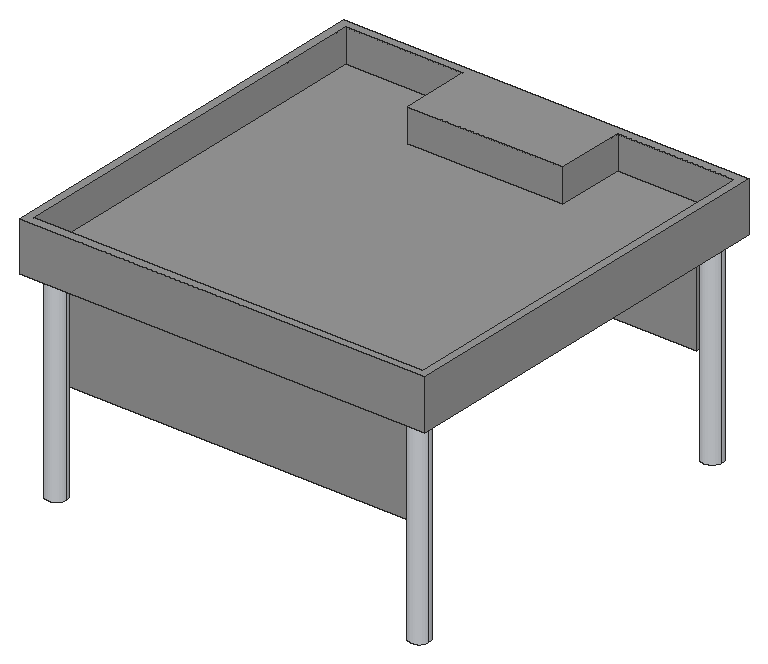
Revit family "Nivellierbare Kassette mit Schnurauslass, RKSN, 20, 9", category Generic Models, Revit 2015
Parameters (values of type "RKSN2 9 MS 20")
  Width = 243 mm
  URL = "http://www.obo-bettermann.com"
  Material = Brass, Soft Yellow, Welded
  Manufacturer Art.No. = "7409212"
  Manufacturer = "OBO Bettermann"
  Length = 243 mm
  HeightCalc = if(Height < 105 mm, 105 mm, (if(Height > 150 mm, 150 mm, Height)))  # 150 mm
  Height 1 = 30 mm
  Height = 150 mm
  GTIN = "4012195867173"
  Cut depth = 20 mm
  Article Type = "RKSN2 9 MS 20"
Types (3, lengths in mm): name | Material | Manufacturer Art.No. | GTIN | Article Type
  (no name) | Brass, Soft Yellow, Welded | "7409212" | "4012195867173" | "RKSN2 9 MS 20"
  RKSN2 9 VS 20 | Stainless Steel, Polished | "7409218" | "4012195867227" | "RKSN2 9 VS 20"
  RKSN2 9 MS 20 | Brass, Soft Yellow, Welded | "7409212" | "4012195867173" | "RKSN2 9 MS 20"
Reference planes
  plane 1 "Center (Front/Back)": y = 0
  plane 2: z = 0
  plane 3 "Center (Left/Right)": x = 0
  plane 4: y = 121.5
  plane 5: y = -121.5
  plane 6: z = 150
  plane 7: z = 59
  plane 8: z = 130
  plane 9: z = 120
Forms (mm)
  Extrusion 1, solid
    sketch origin (0, 0, 0) x (1, 0, 0) y (0, 1, 0)
      loop
        circle (-109, -110) r 6
      loop
        circle (-109, 110) r 6
      loop
        circle (109, 110) r 6
      loop
        circle (109, -110) r 6
    from 0 to 120
  Extrusion 2, solid, material "Brass, Soft Yellow, Welded" <- "Material"
    sketch origin (0, 0, 0) x (1, 0, 0) y (0, 0, 1)
      loop
        line (-121.5, 150) -> (-121.5, 120) -> (121.5, 120) -> (121.5, 150) -> (-121.5, 150)
    from -121.5 to 121.5
  Extrusion 3, solid, material "Brass, Soft Yellow, Welded" <- "Material"
    sketch origin (0, 0, 0) x (1, 0, 0) y (0, 1, 0)
      loop
        line (-104.2, -104.3) -> (-104.2, -106.3) -> (104.2, -106.3) -> (104.2, -104.3) -> (-104.2, -104.3)
      loop
        line (-104.2, 106.3) -> (-104.2, 104.3) -> (104.2, 104.3) -> (104.2, 106.3) -> (-104.2, 106.3)
    from 59 to 120
  Extrusion 4, void
    sketch origin (0, 0, 0) x (1, 0, 0) y (0, 1, 0)
      loop
        line (-117.05, 117.05) -> (-117.05, -117.05) -> (117.05, -117.05) -> (117.05, 117.05) -> (46.5, 117.05) -> (46.5, 75.95) -> (-46.5, 75.95) -> (-46.5, 117.05) -> (-117.05, 117.05)
    from 130 to 150
Cuts and joins
  Extrusion 4 cuts Extrusion 1
  Extrusion 4 cuts Extrusion 2
  Extrusion 4 cuts Extrusion 3
Dimensions and locks
  "Width": Extrusion 2 sketch curve to Extrusion 2 sketch curve
  "HeightCalc": plane 6 to level
  locked: Extrusion 3 sketch curve to Extrusion 3 sketch curve at 208.4  (x2)
  locked: Extrusion 3 sketch curve to Extrusion 2 at 15.2
  locked: Extrusion 3 sketch curve to Extrusion 3 sketch curve at 2  (x2)
  "Cut depth": plane 6 to plane 8
  "Length": plane 4 to plane 5
  locked: plane 3 "Center (Left/Right)" to Extrusion 2 sketch curve at 121.5
  locked: plane 4 to plane 1 "Center (Front/Back)" at 121.5
  locked: Extrusion 1 sketch curve to plane 1 "Center (Front/Back)" at 110  (x2)
  locked: plane 3 "Center (Left/Right)" to Extrusion 1 sketch curve at 109  (x2)
  locked: Extrusion 1 sketch curve to plane 3 "Center (Left/Right)" at 109  (x2)
  locked: plane 1 "Center (Front/Back)" to Extrusion 1 sketch curve at 110  (x2)
  "Height 1": plane 6 to plane 9
  locked: Extrusion 3 sketch curve to plane 3 "Center (Left/Right)" at 104.2  (x2)
  locked: plane 9 to plane 7 at 61
  locked: Extrusion 4 sketch curve to Extrusion 4 sketch curve at 234.1  (x2)
  equal spacing: Extrusion 4 sketch curve, plane 3 "Center (Left/Right)", Extrusion 4 sketch curve, locked at 117.05 each
  equal spacing: Extrusion 4 sketch curve, plane 1 "Center (Front/Back)", Extrusion 4 sketch curve, locked at 117.05 each
  locked: Extrusion 4 sketch curve to Extrusion 4 sketch curve at 93
  equal spacing: Extrusion 4 sketch curve, plane 3 "Center (Left/Right)", Extrusion 4 sketch curve, locked at 46.5 each
  locked: Extrusion 4 sketch curve to Extrusion 4 sketch curve at 41.1
  diameter of Extrusion 1 sketch curve = 12 mm  (x4)
  aligned and locked: level to plane 2
  aligned and locked: plane 5 to Extrusion 2
  aligned and locked: Extrusion 2 to plane 4
  aligned and locked: plane 6 to Extrusion 2
  aligned and locked: Extrusion 1 to Extrusion 3
  aligned and locked: Extrusion 3 to plane 7
  aligned and locked: Extrusion 2 to plane 9
  aligned and locked: Extrusion 4 sketch curve to Extrusion 4 sketch curve
  aligned and locked: cut or joined group of Extrusion 2, Extrusion 4 to Extrusion 4
  aligned and locked: Extrusion 4 to plane 8
Automatic sketch dimensions
  Extrusion 2 sketch curve to plane 6 = 0 mm
  plane 9 to Extrusion 2 sketch curve = 0 mm
  plane 4 to Extrusion 3 sketch curve = 17.2 mm
